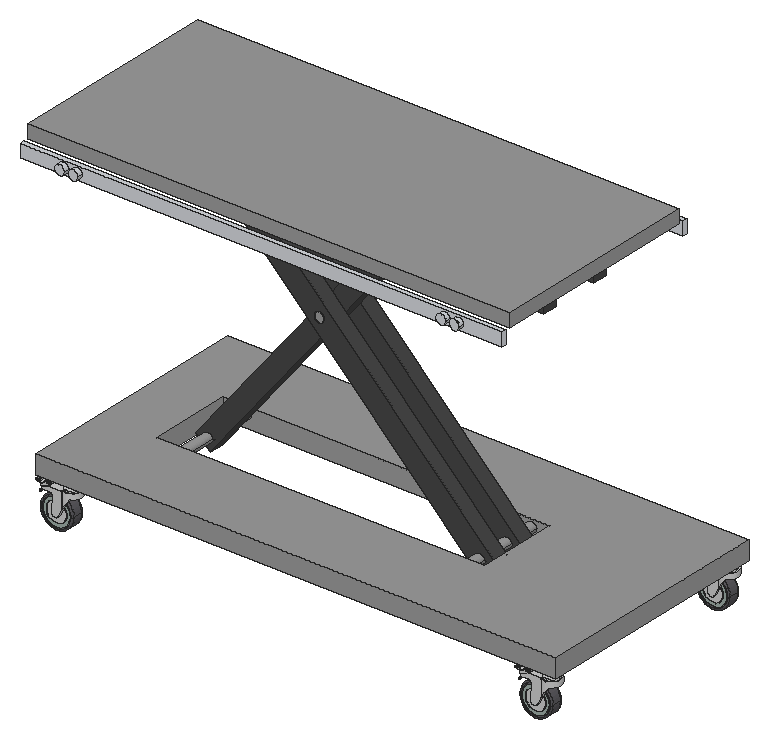
Revit family "Midmark - Mobile Lift Table", category Specialty Equipment, Revit 2017
Family settings
  Round Connector Dimension = Use Diameter
  Part Type = Normal
  OmniClass Number = 23.25.61.00
  Work Plane-Based = No
  Always vertical = Yes
  Cut with Voids When Loaded = No
  Shared = No
  Room Calculation Point = No
Parameters (values of type "Stainless Steel Top with Side Rails")
  Side Rails & Cleats = yes
  Side Rail Material = Stainless Steel, Polished
  Scale = no
  Width = 4' - 2"
  Weight = 0
  Type Comments = "Mobile Lift Table. 50\"L x 22\"W Stainless Steel Top with Side Rails"
  Table Top Material = Stainless Steel, Polished
  No Side Rails = not(Side Rails & Cleats)  # no
  No Scale = not(Scale)  # yes
  No Cleats = not(Cleats)  # yes
  Model = "103-0170-16 & 203-0170-10"
  Manufacturer = "MIDMARK"
  Height = 3' - 0"
  Frame Width = 3' - 10"
  Frame Material = Steel, Paint Finish, Black, Matte
  Description = ""
  Depth = 1' - 10"
  Cleats = no
  Cleat Material = Stainless Steel, Polished
  Battery Charger Material = Stainless Steel, Polished
  Base Width = 4' - 6"
  Base Depth = 2' - 1"
  Base Material = Stainless Steel, Polished
Types (4): name | Side Rails & Cleats | Scale | Width | Type Comments | No Side Rails | No Scale | No Cleats | Model | Frame Width | Description | Cleats
  Stainless Steel Top | no | no | 4' - 2" | "Mobile Lift Table, 50\"L x 22\"W Stainless Steel Top." | yes | yes | yes | "103-0170-16" | 3' - 10" | "" | no
  Stainless Steel Top with Scale | no | yes | 3' - 8" | "Mobile Lift Table. 50\"L x 22\"W Stainless Steel Top with Built-in Scale." | yes | no | yes | "110-3410-08" | 3' - 4" | "Cleats and Side Rails are Not Available on Table with Built-in Scale." | no
  Stainless Steel Top with Side Rails | yes | no | 4' - 2" | "Mobile Lift Table. 50\"L x 22\"W Stainless Steel Top with Side Rails" | no | yes | yes | "103-0170-16 & 203-0170-10" | 3' - 10" | "" | no
  Stainless Steel Top with Cleats | no | no | 4' - 2" | "Mobile Lift Table, 50\"L x 22\"W Stainless Steel Top with Quick-release Restraint Cleats." | yes | yes | no | "103-0170-16 & 203-0170-20" | 3' - 10" | "" | yes
Reference planes (in)
  plane 1 "Center (Front/Back)": y = 0
  plane 2: z = 0
  plane 3 "Center (Left/Right)": x = 0
  plane 4 "Left Edge of Table Top": x = -25
  plane 5 "Right Edge of Table Top": x = 25
  plane 6 "Back of Table Top": y = 11
  plane 7 "front": y = -11
  plane 8 "TO Table": z = 36
  plane 9 "BO Table": z = 34.625
  plane 10 "TO Casters": z = 4.6875
  plane 11 "Left Edge of Table Top Frame": x = -23
  plane 12 "Right Edge of Table Top Frame": x = 23
  plane 13 "Max. Table Height": z = 37.5
  plane 14 "Min. Table Height": z = 12.75
  plane 15 "Right Edge of Base": x = 31
  plane 16 "Back Edge of Table Base": y = 12.49972
  plane 17 "Front Edge of Table Base": y = -12.50028
  plane 18 "Back of Table Top Frame": y = 4
  plane 19 "Front of Table Top Frame": y = -4
  plane 20 "Front of Center Frame": y = -0.75
  plane 21 "Back of Center Frame": y = 0.75
  plane 22 "Back of Back Frame": y = 2.5
  plane 23 "Front of Back Frame": y = 1
  plane 24 "Back of Front Frame": y = -1
  plane 25 "Front of Front Frame": y = -2.5
  plane 26 "back of Base Cutout": y = 4.25
  plane 27 "Front of Base Cutout": y = -4.25
  plane 28 "TO Base": z = 6.61935
  plane 29 "Underside of Table Frame": z = 32.125
  plane 30 "Left Edge of Base Cutout": x = -17
  plane 31 "Right Edge of Base Cutout": x = 17.00123
  plane 32: y = -11.5
  plane 33: y = -12
  plane 34: y = 11.5
  plane 35: y = 12
  plane 36 "Table Top Length w/ Scale": x = 17.00123
  plane 37 "Right Edge of Battery Charger": x = 15.00123
Forms (in)
  Extrusion 1, solid, material "Stainless Steel, Polished" <- "Table Top Material"
    sketch origin (0, 0, 0) x (1, 0, 0) y (0, 1, 0)
      loop
        line (-25, -11) -> (25, -11) -> (25, 11) -> (-25, 11) -> (-25, -11)
    from 34.625 to 36
  Extrusion 2, solid, material "Stainless Steel, Polished" <- "Base Material"
    sketch origin (0, 0, 4.6875) x (-1, 0, 0) y (0, -1, 0)
      loop
        line (-31, -12.5) -> (23, -12.5) -> (23, 12.5) -> (-31, 12.5) -> (-31, -12.5)
      loop
        line (-17.00123, 4.25) -> (-17.00123, -4.25) -> (16.99877, -4.25) -> (16.99877, 4.25) -> (-17.00123, 4.25)
    from 0 to 2
  Extrusion 3, solid, material "Steel, Paint Finish, Black, Matte" <- "Frame Material"
    sketch origin (0, 0, 34.625) x (-1, 0, 0) y (0, -1, 0)
      loop
        line (23, -2.5) -> (-23, -2.5) -> (-23, -4) -> (23, -4) -> (23, -2.5)
      loop
        line (-23, 2.5) -> (23, 2.5) -> (23, 4) -> (-23, 4) -> (-23, 2.5)
    from 0 to -2.5
  Extrusion 4, solid, material "Steel, Paint Finish, Black, Matte" <- "Frame Material"
    sketch origin (-16.99877, 0.75, 47.82967) x (1, 0, 0) y (0, 0, 1)
      loop
        line (1.22008, -41.79705) -> (2.79379, -43.03133) -> (25.21911, -14.43895) -> (23.6454, -13.20467) -> (1.22008, -41.79705)
      loop
        circle (15.44515, -25.30676) r 0.5
    from 0 to 1.5
  Extrusion 5, solid, material "Steel, Paint Finish, Black, Matte" <- "Frame Material"
    sketch origin (-16.99877, 2.5, 47.82967) x (1, 0, 0) y (0, 0, 1)
      loop
        line (33.69688, -41.67074) -> (5.23081, -13.20467) -> (3.46305, -14.97244) -> (31.92911, -43.43851) -> (33.69688, -41.67074)
      loop
        circle (15.44515, -25.30676) r 0.5
    from 0 to 1.5
  Extrusion 6, solid, material "Steel, Paint Finish, Black, Matte" <- "Frame Material"
    sketch origin (-16.99877, -1, 47.82967) x (1, 0, 0) y (0, 0, 1)
      loop
        line (33.69688, -41.67074) -> (5.23081, -13.20467) -> (3.46305, -14.97244) -> (31.92911, -43.43851) -> (33.69688, -41.67074)
      loop
        circle (15.44515, -25.30676) r 0.5
    from 0 to 1.5
  Extrusion 7, solid, material "Stainless Steel, Polished" <- "Base Material"
    sketch origin (-16.99877, 2.5, 47.82967) x (1, 0, 0) y (0, 0, 1)
      loop
        circle (4.96657, -14.45467) r 0.5
      loop
        circle (24.09185, -14.47108) r 0.34375
      loop
        circle (15.44515, -25.30676) r 0.5
    from 0 to 5
  Extrusion 8, solid, material "Stainless Steel, Polished" <- "Battery Charger Material"
    sketch origin (-16.99877, -4, 50.5) x (1, 0, 0) y (0, 0, 1)
      loop
        line (17, -15.875) -> (17, -19.875) -> (32, -19.875) -> (32, -15.875) -> (17, -15.875)
    from -14.00101 to -8
  Extrusion 9, solid, material "Stainless Steel, Polished" <- "Base Material"
    sketch origin (-16.99877, 4.25, 48) x (1, 0, 0) y (0, 0, 1)
      loop
        circle (2.43755, -42.00937) r 0.5
      loop
        circle (32.08779, -42.10576) r 0.5
    from 0 to 8.5
  Extrusion 10, solid, visible <- "Side Rails & Cleats"
    sketch origin (-28.87328, 12, 48) x (-1, 0, 0) y (0, 0, 1)
      loop
        line (-53.87328, -13.375) -> (-53.87328, -14.75) -> (-3.87328, -14.75) -> (-3.87328, -13.375) -> (-53.87328, -13.375)
    from -0.5 to 0
  Extrusion 11, solid, visible <- "Side Rails & Cleats"
    sketch origin (-28.87328, -11.5, 46.72545) x (-1, 0, 0) y (0, 0, 1)
      loop
        line (-3.87328, -12.10045) -> (-53.87328, -12.10045) -> (-53.87328, -13.47545) -> (-3.87328, -13.47545) -> (-3.87328, -12.10045)
    from -0.5 to 0
  Extrusion 12, solid, visible <- "Side Rails & Cleats"
    sketch origin (0, -11, 0) x (-1, 0, 0) y (0, 0, 1)
      loop
        circle (20.49537, 33.94182) r 0.5
      loop
        circle (19.08904, 33.94182) r 0.5
      loop
        circle (-20.49537, 33.94182) r 0.5
      loop
        circle (-19.08904, 33.94182) r 0.5
    from -1.50067 to -1
  Extrusion 13, solid, visible <- "Side Rails & Cleats"
    sketch origin (-28.87328, 12, 48) x (-1, 0, 0) y (0, 0, 1)
      loop
        circle (-49.37328, -14.06888) r 0.5
      loop
        circle (-47.95868, -14.06888) r 0.5
      loop
        circle (-8.37328, -14.06888) r 0.5
      loop
        circle (-9.78789, -14.06888) r 0.5
    from 0 to 0.5
  Extrusion 14, solid, visible <- "Cleats"
    sketch origin (0, -11, 0) x (-1, 0, 0) y (0, 0, 1)
      loop
        circle (20.5, 35.3125) r 0.5
      loop
        circle (19.07938, 35.3125) r 0.5
      loop
        circle (-20.5, 35.3125) r 0.5
      loop
        circle (-19.07938, 35.3125) r 0.5
    from -0.5 to 0
  Extrusion 15, solid, visible <- "Cleats"
    sketch origin (-28.87328, 11, 48) x (-1, 0, 0) y (0, 0, 1)
      loop
        circle (-49.37328, -12.6875) r 0.5
      loop
        circle (-47.95335, -12.6875) r 0.5
      loop
        circle (-8.37328, -12.6875) r 0.5
      loop
        circle (-9.79322, -12.6875) r 0.5
    from 0 to 0.5
Dimensions and locks (in)
  "Width": plane 4 "Left Edge of Table Top" to plane 5 "Right Edge of Table Top"
  equal spacing: plane 6 "Back of Table Top", plane 1 "Center (Front/Back)", plane 7 "front"
  "Depth": plane 6 "Back of Table Top" to plane 7 "front"
  "Height": plane 8 "TO Table" to level
  plane 8 "TO Table" to plane 9 "BO Table" = 0' - 1 3/8"
  locked: Extrusion 2 to plane 10 "TO Casters" at 2
  locked: plane 9 "BO Table" to Extrusion 3 at 2.5
  "Base Depth": plane 16 "Back Edge of Table Base" to plane 17 "Front Edge of Table Base"
  "Base Width": plane 11 "Left Edge of Table Top Frame" to plane 15 "Right Edge of Base"
  "Frame Width": plane 11 "Left Edge of Table Top Frame" to plane 12 "Right Edge of Table Top Frame"
  plane 4 "Left Edge of Table Top" to plane 11 "Left Edge of Table Top Frame" = 0' - 2"
  plane 12 "Right Edge of Table Top Frame" to plane 5 "Right Edge of Table Top" = 0' - 2"
  aligned and locked: level to plane 2
  aligned and locked: Extrusion 1 sketch curve to plane 6 "Back of Table Top"
  aligned and locked: Extrusion 1 sketch curve to plane 4 "Left Edge of Table Top"
  aligned and locked: Extrusion 1 sketch curve to plane 7 "front"
  aligned and locked: plane 8 "TO Table" to Extrusion 1
  aligned and locked: Extrusion 1 to plane 9 "BO Table"
Automatic sketch dimensions
  Extrusion 2 sketch curve to plane 15 "Right Edge of Base" = 0' - 0"
  Extrusion 2 sketch curve to plane 11 "Left Edge of Table Top Frame" = 0' - 0"
  plane 12 "Right Edge of Table Top Frame" to Extrusion 2 sketch curve = 0' - 5.99877"
  plane 11 "Left Edge of Table Top Frame" to Extrusion 2 sketch curve = 0' - 6.00123"
  plane 6 "Back of Table Top" to Extrusion 2 sketch curve = 0' - 1 1/2"
  Extrusion 2 sketch curve to plane 7 "front" = 0' - 1 1/2"
  plane 12 "Right Edge of Table Top Frame" to Extrusion 3 sketch curve = 0' - 0"  (x2)
  plane 11 "Left Edge of Table Top Frame" to Extrusion 3 sketch curve = 0' - 0"  (x2)
  Extrusion 3 sketch curve to Extrusion 3 sketch curve = 0' - 1 1/2"  (x2)
  Extrusion 2 sketch curve to plane 6 "Back of Table Top" = 0' - 6 3/4"
  plane 7 "front" to Extrusion 2 sketch curve = 0' - 6 3/4"
  plane 7 "front" to Extrusion 3 sketch curve = 0' - 8 1/2"
  Extrusion 3 sketch curve to plane 21 "Back of Center Frame" = 0' - 1 3/4"
  Extrusion 4 sketch curve to plane 9 "BO Table" = 0' - 0"
  plane 10 "TO Casters" to Extrusion 4 sketch curve = 0' - 0.11085"
  plane 11 "Left Edge of Table Top Frame" to Extrusion 4 sketch curve = 0' - 8.79502"
  Extrusion 4 sketch curve to plane 3 "Center (Left/Right)" = 0' - 1.55362"
  plane 3 "Center (Left/Right)" to Extrusion 4 sketch curve = 0' - 6.64663"
  Extrusion 4 sketch curve to plane 9 "BO Table" = 0' - 1.23428"
  plane 14 "Min. Table Height" to Extrusion 4 sketch curve = 0' - 9.77291"
  Extrusion 7 sketch curve to plane 9 "BO Table" = 0' - 1 1/4"
  plane 11 "Left Edge of Table Top Frame" to Extrusion 7 sketch curve = 0' - 10.9678"
  Extrusion 7 sketch curve to plane 3 "Center (Left/Right)" = 0' - 1.55362"
  Extrusion 7 sketch curve to plane 9 "BO Table" = 0' - 1.2664"
  plane 3 "Center (Left/Right)" to Extrusion 7 sketch curve = 0' - 7.09308"
  plane 14 "Min. Table Height" to Extrusion 7 sketch curve = 0' - 9.77291"
  Extrusion 6 sketch curve to plane 9 "BO Table" = 0' - 0"
  Extrusion 6 sketch curve to plane 9 "BO Table" = 0' - 1.76777"
  plane 11 "Left Edge of Table Top Frame" to Extrusion 6 sketch curve = 0' - 9.46427"
  Extrusion 6 sketch curve to Extrusion 6 sketch curve = 0' - 1.76777"
  Extrusion 6 sketch curve to plane 3 "Center (Left/Right)" = 0' - 1.55362"
  Extrusion 6 sketch curve to plane 10 "TO Casters" = 0' - 0.29633"
  plane 14 "Min. Table Height" to Extrusion 6 sketch curve = 0' - 9.77291"
  Extrusion 5 sketch curve to plane 9 "BO Table" = 0' - 0"
  Extrusion 5 sketch curve to plane 9 "BO Table" = 0' - 1.76777"
  plane 11 "Left Edge of Table Top Frame" to Extrusion 5 sketch curve = 0' - 9.46427"
  Extrusion 5 sketch curve to Extrusion 5 sketch curve = 0' - 1.76777"
  Extrusion 5 sketch curve to plane 3 "Center (Left/Right)" = 0' - 1.55362"
  Extrusion 5 sketch curve to plane 10 "TO Casters" = 0' - 0.29633"
  plane 14 "Min. Table Height" to Extrusion 5 sketch curve = 0' - 9.77291"
  Extrusion 8 sketch curve to plane 9 "BO Table" = 0' - 0"
  plane 30 "Left Edge of Base Cutout" to Extrusion 8 sketch curve = 1' - 5.00123"
  plane 3 "Center (Left/Right)" to Extrusion 8 sketch curve = 1' - 3.00123"
  Extrusion 8 sketch curve to plane 29 "Underside of Table Frame" = 0' - 1 1/2"
  Extrusion 9 sketch curve to plane 28 "TO Base" = 0' - 0.62872"
  plane 30 "Left Edge of Base Cutout" to Extrusion 9 sketch curve = 0' - 2.43877"
  Extrusion 9 sketch curve to plane 28 "TO Base" = 0' - 0.72511"
  plane 31 "Right Edge of Base Cutout" to Extrusion 9 sketch curve = 0' - 1.91221"
  Extrusion 10 sketch curve to plane 5 "Right Edge of Table Top" = 0' - 0"
  Extrusion 10 sketch curve to plane 4 "Left Edge of Table Top" = 0' - 0"
  Extrusion 10 sketch curve to plane 9 "BO Table" = 0' - 1 3/8"
  Extrusion 10 sketch curve to plane 8 "TO Table" = 0' - 1 3/8"
  Extrusion 11 sketch curve to plane 5 "Right Edge of Table Top" = 0' - 0"
  Extrusion 11 sketch curve to plane 4 "Left Edge of Table Top" = 0' - 0"
  Extrusion 11 sketch curve to plane 9 "BO Table" = 0' - 1 3/8"
  Extrusion 11 sketch curve to plane 8 "TO Table" = 0' - 1 3/8"
  Extrusion 12 sketch curve to plane 9 "BO Table" = 0' - 0.68318"  (x4)
  plane 12 "Right Edge of Table Top Frame" to Extrusion 12 sketch curve = 0' - 2.50463"
  Extrusion 12 sketch curve to Extrusion 12 sketch curve = 0' - 1.40634"  (x2)
  Extrusion 12 sketch curve to plane 30 "Left Edge of Base Cutout" = 0' - 2.08904"
  Extrusion 13 sketch curve to plane 9 "BO Table" = 0' - 0.69388"  (x4)
  plane 12 "Right Edge of Table Top Frame" to Extrusion 13 sketch curve = 0' - 2 1/2"
  Extrusion 13 sketch curve to Extrusion 13 sketch curve = 0' - 1.4146"  (x2)
  Extrusion 13 sketch curve to plane 30 "Left Edge of Base Cutout" = 0' - 2.0854"
  Extrusion 14 sketch curve to plane 8 "TO Table" = 0' - 0 11/16"  (x4)
  plane 12 "Right Edge of Table Top Frame" to Extrusion 14 sketch curve = 0' - 2 1/2"
  Extrusion 14 sketch curve to Extrusion 14 sketch curve = 0' - 1.42062"  (x2)
  Extrusion 14 sketch curve to plane 30 "Left Edge of Base Cutout" = 0' - 2.07938"
  Extrusion 15 sketch curve to plane 8 "TO Table" = 0' - 0 11/16"  (x4)
  plane 12 "Right Edge of Table Top Frame" to Extrusion 15 sketch curve = 0' - 2 1/2"
  Extrusion 15 sketch curve to Extrusion 15 sketch curve = 0' - 1.41993"  (x2)
  Extrusion 15 sketch curve to plane 30 "Left Edge of Base Cutout" = 0' - 2.08007"
  Extrusion 1 sketch curve to plane 5 "Right Edge of Table Top" = 0' - 0"
  radius of Extrusion 4 sketch curve = 0' - 0 1/2"
  radius of Extrusion 7 sketch curve = 0' - 0 1/2"  (x2)
  radius of Extrusion 7 sketch curve = 0' - 0 11/32"
  radius of Extrusion 6 sketch curve = 0' - 0 1/2"
  radius of Extrusion 5 sketch curve = 0' - 0 1/2"
  radius of Extrusion 9 sketch curve = 0' - 0 1/2"  (x2)
  radius of Extrusion 12 sketch curve = 0' - 0 1/2"  (x4)
  radius of Extrusion 13 sketch curve = 0' - 0 1/2"  (x4)
  radius of Extrusion 14 sketch curve = 0' - 0 1/2"  (x4)
  radius of Extrusion 15 sketch curve = 0' - 0 1/2"  (x4)
Nested families (in)
  nested 1: "SwivelCastor" at (-21.13743, -11.5, 0.05674), type "SwivelCastor"
    with Wheel Accent Castor_Wheel Accent, Steel Housing Castor_Steel Housing, Rubber Wheel Castor_Rubber, Brake Finish Castor_Brake
  nested 2: "SwivelCastor" at (28.61257, -11.5, 0.05674), type "SwivelCastor"
    with Wheel Accent Castor_Wheel Accent, Steel Housing Castor_Steel Housing, Rubber Wheel Castor_Rubber, Brake Finish Castor_Brake
  nested 3: "SwivelCastor" at (28.61257, 11.5, 0.05674), type "SwivelCastor"
    with Wheel Accent Castor_Wheel Accent, Steel Housing Castor_Steel Housing, Rubber Wheel Castor_Rubber, Brake Finish Castor_Brake
  nested 4: "SwivelCastor" at (-21.13743, 11.5, 0.05674), type "SwivelCastor"
    with Wheel Accent Castor_Wheel Accent, Steel Housing Castor_Steel Housing, Rubber Wheel Castor_Rubber, Brake Finish Castor_Brake
Definition of nested family "SwivelCastor"
  Parameters (values of type "SwivelCastor")
    Wheel Thickness = 0' - 1 1/4"
    Wheel Diameter = Overall Height - 0' 1"  # 0' - 3 3/8"
    Wheel Accent [instance] = none
    URL = "www.revitcomponents.com"
    Type Comments = "Wheel Thickness Range (3/8\" - 2 1/4\")"
    Steel Housing [instance] = none
    Rubber Wheel [instance] = none
    R = Wheel Diameter / 2  # 0' - 1 11/16"
    Overall Height = 0' - 4 3/8"
    Brake Finish [instance] = none
  Reference planes (in)
    plane 1 "Center F/B": y = 0
    plane 2: z = 0
    plane 3 "Center L/R": x = 0
    plane 4: z = 4
    plane 5: z = 4.375
    plane 6: z = 3.375
    plane 7: z = 1.6875
    plane 8: z = 3.5
    plane 9: y = 0.625
    plane 10: y = -0.625
    plane 11: y = 0.6875
    plane 12: y = 0.8125
    plane 13: y = -0.6875
    plane 14: y = -0.8125
    plane 15: y = 0.9375
    plane 16: y = -0.9375
    plane 17: x = 1.6875
    plane 18: x = 2
    plane 19: x = 1.875
    plane 20: x = -1.6875
    plane 21: x = -1.48064
    plane 22: x = 1.1875
    plane 23: x = -2.6875
    plane 24: x = 3
    plane 25: z = 3.875
    plane 26: y = -0.5
    plane 27: y = 0.5
  Forms (in)
    Extrusion 1, solid, material <- "Steel Housing"
      sketch origin (0, 0, 0) x (1, 0, 0) y (0, 1, 0)
        loop
          line (-1.48064, -0.6875) -> (-1.48064, -0.8125) -> (0.63788, -0.8125)
          arc (0.63788, -0.8125) -> (0.7118, -0.8208) -> (0.78204, -0.84529) r 0.33333
          arc (0.78204, -0.84529) -> (2.12497, 0.00736) -> (0.76882, 0.83882) r 0.9375
          arc (0.76882, 0.83882) -> (0.71452, 0.81917) -> (0.65717, 0.8125) r 0.25
          line (0.65717, 0.8125) -> (-1.48064, 0.8125) -> (-1.48064, 0.6875) -> (0.6875, 0.6875)
          arc (0.6875, 0.6875) -> (0.74813, 0.69496) -> (0.80515, 0.71691) r 0.25
          arc (0.80515, 0.71691) -> (2, 0) -> (0.80515, -0.71691) r 0.8125
          arc (0.80515, -0.71691) -> (0.74813, -0.69496) -> (0.6875, -0.6875) r 0.25
          line (0.6875, -0.6875) -> (-1.48064, -0.6875)
      from 0 to 4
    Extrusion 2, void
      sketch origin (0, 0, 0) x (1, 0, 0) y (0, 0, 1)
        loop
          line (-1.33956, 3.67728) -> (0.02978, 4.375) -> (-2.6875, 4.375) -> (-2.6875, 0) -> (3, 0) -> (3, 3.5) -> (1.59927, 3.5)
          arc (1.59927, 3.5) -> (1.23828, 3.001) -> (0.91227, 2.47847) r 9
          line (0.91227, 2.47847) -> (0.34242, 1.49146)
          arc (0.34242, 1.49146) -> (-0.10259, 1.31617) -> (-0.3735, 1.71034) r 0.38416
          line (-0.3735, 1.71034) -> (-0.26705, 3.23256)
          arc (-0.26705, 3.23256) -> (-0.33361, 3.4205) -> (-0.51644, 3.5) r 0.25
          line (-0.51644, 3.5) -> (-1.297, 3.5)
          arc (-1.297, 3.5) -> (-1.38816, 3.57186) -> (-1.33956, 3.67728) r 0.09375
      from -6 to 6
    Sweep 3, solid, material <- "Rubber Wheel"
      path origin (0, 0, 0) x (1, 0, 0) y (0, 0, 1)
        loop
          circle (0, 1.6875) r 1.6875
      profile origin (0, 0, 3.375) x (0, 0, -1) y (0, -1, 0)
        loop
          arc (0, -0.50042) -> (0.03649, -0.58851) -> (0.12458, -0.625) r 0.12458
          line (0.12458, -0.625) -> (0.25, -0.625) -> (0.25, 0.625) -> (0.125, 0.625)
          arc (0.125, 0.625) -> (0.03661, 0.58839) -> (0, 0.5) r 0.125
          line (0, 0.5) -> (0, -0.50042)
    Extrusion 4, solid, material <- "Steel Housing"
      sketch origin (0, 0, 0) x (1, 0, 0) y (0, 0, 1)
        loop
          line (-0.70619, 4) -> (-1.07563, 3.81177) -> (-0.98146, 3.62696) -> (-0.49466, 3.875) -> (0, 3.875) -> (0, 4) -> (-0.70619, 4)
      from -0.8125 to 0.8125
    Extrusion 5, solid, material <- "Steel Housing"
      sketch origin (0, 0, 0) x (1, 0, 0) y (0, 1, 0)
        loop
          arc (0.80515, 0.71691) -> (0.74813, 0.69496) -> (0.6875, 0.6875) r 0.25
          line (0.6875, 0.6875) -> (0, 0.6875) -> (0, -0.6875) -> (0.6875, -0.6875)
          arc (0.6875, -0.6875) -> (0.74813, -0.69496) -> (0.80515, -0.71691) r 0.25
          arc (0.80515, -0.71691) -> (2, 0) -> (0.80515, 0.71691) r 0.8125
      from 3.875 to 4
    Revolve 6, solid, material <- "Steel Housing"
      sketch origin (0, 0, 0) x (1, 0, 0) y (0, 0, 1)
        loop
          line (1.1875, 4) -> (1.1875, 4.40746) -> (0.9375, 4.40746) -> (0.9375, 4.375) -> (0.6875, 4.375)
          arc (0.6875, 4.375) -> (0.51072, 4.30178) -> (0.4375, 4.125) r 0.25
          line (0.4375, 4.125) -> (0.4375, 4) -> (1.1875, 4)
        axis (1.1875, 4) -> (1.1875, 4.40746)
      angle from 0 to 360
    Extrusion 7, solid, material <- "Brake Finish"
      sketch origin (0, 0, 0) x (1, 0, 0) y (0, 0, 1)
        loop
          line (-0.49466, 3.875) -> (-1.65337, 3.28461)
          arc (-1.65337, 3.28461) -> (-1.67829, 3.26158) -> (-1.6875, 3.22892) r 0.0625
          line (-1.6875, 3.22892) -> (-1.6875, 3.11276)
          arc (-1.6875, 3.11276) -> (-1.69665, 3.09066) -> (-1.71875, 3.08151) r 0.03125
          line (-1.71875, 3.08151) -> (-1.75, 3.08151) -> (-1.75, 3.01901) -> (-1.71875, 3.01901)
          arc (-1.71875, 3.01901) -> (-1.65246, 3.04647) -> (-1.625, 3.11276) r 0.09375
          line (-1.625, 3.11276) -> (-1.625, 3.22892) -> (-0.35699, 3.875) -> (-0.49466, 3.875)
      from -0.625 to 0.625
    Extrusion 8, solid, material <- "Steel Housing"
      sketch origin (0, 0, 0) x (1, 0, 0) y (0, 0, 1)
        loop
          arc (-1.50738, 3.54848) -> (-1.48033, 3.53233) -> (-1.45296, 3.54795) r 0.03125
          line (-1.45296, 3.54795) -> (-1.40368, 3.6333)
          arc (-1.40368, 3.6333) -> (-1.39258, 3.64738) -> (-1.37793, 3.65773) r 0.0625
          line (-1.37793, 3.65773) -> (-0.61647, 4.04572)
          arc (-0.61647, 4.04572) -> (-0.59474, 4.09286) -> (-0.6355, 4.125) r 0.04193
          line (-0.6355, 4.125) -> (-0.68629, 4.125)
          arc (-0.68629, 4.125) -> (-0.70191, 4.14062) -> (-0.71754, 4.125) r 0.01563
          line (-0.71754, 4.125) -> (-0.74879, 4.125)
          arc (-0.74879, 4.125) -> (-0.76441, 4.14062) -> (-0.78004, 4.125) r 0.01563
          line (-0.78004, 4.125) -> (-0.81129, 4.125)
          arc (-0.81129, 4.125) -> (-0.82691, 4.14062) -> (-0.84254, 4.125) r 0.01563
          line (-0.84254, 4.125) -> (-0.87379, 4.125)
          arc (-0.87379, 4.125) -> (-0.88941, 4.14062) -> (-0.90504, 4.125) r 0.01563
          line (-0.90504, 4.125) -> (-0.93629, 4.125)
          arc (-0.93629, 4.125) -> (-0.95191, 4.14062) -> (-0.96754, 4.125) r 0.01563
          line (-0.96754, 4.125) -> (-1.0138, 4.125)
          arc (-1.0138, 4.125) -> (-1.02938, 4.12303) -> (-1.04399, 4.11723) r 0.0625
          line (-1.04399, 4.11723) -> (-1.58509, 3.81874)
          arc (-1.58509, 3.81874) -> (-1.61494, 3.78137) -> (-1.60963, 3.73383) r 0.0625
          line (-1.60963, 3.73383) -> (-1.50738, 3.54848)
      from 0.6875 to -0.625
    Extrusion 9, solid, material <- "Steel Housing"
      sketch origin (0, 0, 0) x (1, 0, 0) y (0, 0, 1)
        loop
          line (-1.58509, 3.81874) -> (-1.85919, 3.91851)
          arc (-1.85919, 3.91851) -> (-1.87787, 3.95856) -> (-1.91792, 3.93988) r 0.03125
          line (-1.91792, 3.93988) -> (-1.97665, 3.96126)
          arc (-1.97665, 3.96126) -> (-1.99533, 4.00131) -> (-2.03538, 3.98264) r 0.03125
          line (-2.03538, 3.98264) -> (-2.09412, 4.00401)
          arc (-2.09412, 4.00401) -> (-2.11279, 4.04407) -> (-2.15285, 4.02539) r 0.03125
          line (-2.15285, 4.02539) -> (-2.19203, 4.03965)
          arc (-2.19203, 4.03965) -> (-2.27213, 4.00229) -> (-2.23478, 3.92219) r 0.0625
          line (-2.23478, 3.92219) -> (-1.60963, 3.73383)
          arc (-1.60963, 3.73383) -> (-1.61494, 3.78137) -> (-1.58509, 3.81874) r 0.0625
      from 0.5 to -0.5
    Sweep 10, solid, material <- "Wheel Accent"
      path origin (0, 0, 0) x (1, 0, 0) y (0, 0, 1)
        loop
          circle (0, 1.6875) r 1.6875
      profile origin (0, 0, 3.375) x (0, 0, -1) y (0, -1, 0)
        loop
          line (0.25, 0.625) -> (0.25, -0.625) -> (0.625, -0.625) -> (0.625, 0.625) -> (0.25, 0.625)
    Sweep 11, solid, material <- "Steel Housing"
      path origin (0, 0, 0) x (1, 0, 0) y (0, 0, 1)
        loop
          circle (0, 1.6875) r 1.6875
      profile origin (0, 0, 3.375) x (0, 0, -1) y (0, -1, 0)
        loop
          line (0.625, -0.625) -> (1.5, -0.625) -> (1.5, 0.625) -> (0.625, 0.625) -> (0.625, -0.625)
  Cuts and joins
    Extrusion 2 cuts Extrusion 1
    joined: Extrusion 1, Extrusion 4, Extrusion 5, Revolve 6
  Dimensions and locks (in)
    locked: plane 5 to plane 4 at 0.375
    "Wheel Diameter": plane 6 to level
    equal spacing: plane 6, plane 7, level
    locked: plane 11 to plane 9 at 0.0625
    locked: plane 12 to plane 11 at 0.125
    locked: plane 14 to plane 13 at 0.125
    locked: plane 13 to plane 10 at 0.0625
    equal spacing: plane 10, plane 1 "Center F/B", plane 9
    "Wheel Thickness": plane 10 to plane 9
    locked: plane 14 to plane 16 at 0.125
    locked: plane 12 to plane 15 at 0.125
    locked: plane 20 to plane 23 at 1
    locked: plane 24 to plane 18 at 1
    plane 6 to Sweep 3 sketch curve = 0' - 0 1/4"
    locked: plane 4 to plane 25 at 0.125
    locked: plane 4 to plane 6 at 0.625
    locked: plane 25 to plane 8 at 0.375
    Sweep 10 sketch curve to Sweep 10 sketch curve to plane 6 = 0' - 0 3/8" locked, 0' - 0 1/4" locked
    locked: Sweep 11 sketch curve to plane 6 at 0.625
    locked: plane 7 to Sweep 11 sketch curve at 0.1875
    locked: plane 26 to plane 10 at 0.125
    locked: plane 27 to plane 9 at 0.125
    "R": radius of Sweep 3 sketch curve
    "R": radius of Sweep 10 sketch curve
    "R": radius of Sweep 11 sketch curve
    aligned and locked: Extrusion 1 sketch curve to plane 11
    aligned and locked: plane 13 to Extrusion 1 sketch curve
    aligned and locked: Extrusion 1 sketch curve to plane 12
    aligned and locked: plane 14 to Extrusion 1 sketch curve
    aligned and locked: plane 21 to Extrusion 1 sketch curve  (x2)
    aligned and locked: plane 4 to Extrusion 1
    aligned and locked: level to Extrusion 2 sketch curve
    aligned and locked: Extrusion 2 sketch curve to plane 24
    aligned and locked: Extrusion 2 sketch curve to plane 23
    aligned and locked: plane 8 to Extrusion 2 sketch curve
    aligned and locked: Sweep 3 sketch curve to profile plane
    aligned and locked: plane 12 to Extrusion 4
    aligned and locked: plane 14 to Extrusion 4
    aligned and locked: Extrusion 5 sketch curve to cut or joined group of Extrusion 1, Extrusion 2, Extrusion 4, Extrusion 5, Revolve 6  (x3)
    aligned and locked: cut or joined group of Extrusion 1, Extrusion 2, Extrusion 4, Extrusion 5, Revolve 6 to Extrusion 5 sketch curve
    aligned and locked: plane 4 to Extrusion 5
    aligned and locked: Extrusion 4 to Extrusion 5
    aligned and locked: Extrusion 7 sketch curve to plane 25
    aligned and locked: plane 9 to Extrusion 7
    aligned and locked: plane 10 to Extrusion 7
    aligned and locked: Extrusion 5 to plane 25
    aligned and locked: cut or joined group of Extrusion 1, Extrusion 2, Extrusion 4, Extrusion 5, Revolve 6 to Extrusion 5
    aligned and locked: Extrusion 4 to plane 25
    aligned and locked: Sweep 10 sketch curve to plane 9
    aligned and locked: plane 10 to Sweep 10 sketch curve
    aligned and locked: Sweep 11 sketch curve to plane 9
    aligned and locked: plane 10 to Sweep 11 sketch curve
    aligned and locked: Sweep 3 sketch curve to plane 9
    aligned and locked: Sweep 3 sketch curve to Extrusion 7
    aligned and locked: plane 9 to Extrusion 8
    aligned and locked: plane 13 to Extrusion 8
    aligned and locked: Extrusion 9 to plane 27
    aligned and locked: Extrusion 9 to plane 26
  Automatic sketch dimensions
    Extrusion 1 sketch curve to Extrusion 1 sketch curve = 0' - 0"  (x3)
    Extrusion 1 sketch curve to plane 15 = 0' - 0"
    Extrusion 1 sketch curve to plane 16 = 0' - 0"
    Extrusion 1 sketch curve to plane 1 "Center F/B" = 0' - 0"
    Extrusion 1 sketch curve to plane 22 = 0' - 0"
    Extrusion 1 sketch curve to plane 16 = 0' - 0.20833"
    plane 22 to Extrusion 1 sketch curve = 0' - 0.54962"
    plane 22 to Extrusion 1 sketch curve = 0' - 0.53033"
    Extrusion 1 sketch curve to Extrusion 1 sketch curve = 0' - 0.04962"
    Extrusion 1 sketch curve to Extrusion 1 sketch curve = 0' - 0.03033"
    plane 12 to Extrusion 1 sketch curve = 0' - 0.02632"
    Extrusion 1 sketch curve to Extrusion 1 sketch curve = 0' - 0.11165"
    Extrusion 2 sketch curve to plane 8 = 0' - 0"
    Extrusion 2 sketch curve to plane 5 = 0' - 0"
    plane 21 to Extrusion 2 sketch curve = 0' - 0.14108"
    Extrusion 2 sketch curve to Extrusion 2 sketch curve = 0' - 0.04256"
    plane 6 to Extrusion 2 sketch curve = 0' - 0 1/8"
    Extrusion 2 sketch curve to plane 3 "Center L/R" = 0' - 0.51644"
    plane 7 to Extrusion 2 sketch curve = 0' - 0.02284"
    Extrusion 2 sketch curve to plane 3 "Center L/R" = 0' - 0.3735"
    plane 6 to Extrusion 2 sketch curve = 0' - 0.14244"
    Extrusion 2 sketch curve to plane 7 = 0' - 0.00396"
    plane 3 "Center L/R" to Extrusion 2 sketch curve = 0' - 0.00973"
    plane 3 "Center L/R" to Extrusion 2 sketch curve = 0' - 0.02978"
    Extrusion 2 sketch curve to plane 7 = 0' - 0.19604"
    plane 22 to Extrusion 2 sketch curve = 0' - 0.27523"
    plane 17 to Extrusion 2 sketch curve = 0' - 0.08823"
    Extrusion 2 sketch curve to level = 0' - 2.02153"
    plane 24 to Extrusion 2 sketch curve = 0' - 5.7065"
    Extrusion 2 sketch curve to plane 8 = 0' - 0 3/32"
    Sweep 3 sketch curve to plane 3 "Center L/R" = 0' - 0"
    Sweep 3 sketch curve to plane 7 = 0' - 0"
    Extrusion 4 sketch curve to plane 4 = 0' - 0"
    Extrusion 4 sketch curve to plane 25 = 0' - 0"
    Extrusion 4 sketch curve to plane 3 "Center L/R" = 0' - 0"
    Extrusion 4 sketch curve to Extrusion 4 sketch curve = 0' - 0.49466"
    Extrusion 4 sketch curve to Extrusion 4 sketch curve = 0' - 0.21153"
    Extrusion 4 sketch curve to plane 8 = 0' - 0.12696"
    Extrusion 4 sketch curve to Extrusion 4 sketch curve = 0' - 0.27527"
    Extrusion 5 sketch curve to plane 3 "Center L/R" = 0' - 0"
    Revolve 6 sketch curve to plane 4 = 0' - 0"
    Revolve 6 sketch curve to plane 5 = 0' - 0"
    Revolve 6 sketch curve to plane 22 = 0' - 0"  (x2)
    plane 5 to Revolve 6 sketch curve = 0' - 0.03246"
    plane 22 to Revolve 6 sketch curve = 0' - 0 1/4"
    Revolve 6 sketch curve to Revolve 6 sketch curve = 0' - 0 1/4"
    plane 4 to Revolve 6 sketch curve = 0' - 0 1/8"
    plane 7 to Revolve 6 sketch curve = 0' - 0 1/4"
    Revolve 6 sketch curve to Revolve 6 sketch curve = 0' - 0.69683"
    Extrusion 7 sketch curve to Extrusion 7 sketch curve = 0' - 0"  (x4)
    Extrusion 7 sketch curve to plane 20 = 0' - 0"
    Extrusion 7 sketch curve to plane 20 = 0' - 0 1/32"
    Extrusion 7 sketch curve to Extrusion 7 sketch curve = 0' - 0 1/32"
    plane 20 to Extrusion 7 sketch curve = 0' - 0.03413"
    plane 20 to Extrusion 7 sketch curve = 0' - 0 1/16"
    Extrusion 7 sketch curve to plane 3 "Center L/R" = 0' - 0.49466"
    Extrusion 7 sketch curve to Extrusion 7 sketch curve = 0' - 0.13767"
    plane 6 to Extrusion 7 sketch curve = 0' - 0.09039"
    Extrusion 7 sketch curve to Extrusion 7 sketch curve = 0' - 0.11616"
    plane 20 to Extrusion 8 sketch curve = 0' - 0.07787"
    Extrusion 8 sketch curve to plane 25 = 0' - 0.05626"
    Extrusion 8 sketch curve to Extrusion 8 sketch curve = 0' - 0.02454"
    Extrusion 8 sketch curve to Extrusion 8 sketch curve = 0' - 0.03019"  (x2)
    Extrusion 8 sketch curve to plane 21 = 0' - 0.02674"
    plane 21 to Extrusion 8 sketch curve = 0' - 0.00062"
    plane 21 to Extrusion 8 sketch curve = 0' - 0.02768"
    plane 21 to Extrusion 8 sketch curve = 0' - 0.07696"
    Extrusion 8 sketch curve to Extrusion 8 sketch curve = 0' - 0.02575"
    Extrusion 8 sketch curve to Extrusion 8 sketch curve = 0' - 0.02837"
    plane 4 to Extrusion 8 sketch curve = 0' - 0.11723"
    plane 21 to Extrusion 8 sketch curve = 0' - 0.43666"
    Extrusion 8 sketch curve to Extrusion 8 sketch curve = 0' - 0.04626"
    Extrusion 8 sketch curve to Extrusion 8 sketch curve = 0' - 0 1/64"  (x5)
    Extrusion 8 sketch curve to Extrusion 8 sketch curve = 0' - 0 1/32"  (x4)
    Extrusion 8 sketch curve to Extrusion 8 sketch curve = 0' - 0 13/256"
    Extrusion 8 sketch curve to Extrusion 8 sketch curve = 0' - 0.01903"
    Extrusion 8 sketch curve to Extrusion 8 sketch curve = 0' - 0.05473"  (x2)
    Extrusion 8 sketch curve to plane 8 = 0' - 0.15773"
    Extrusion 8 sketch curve to Extrusion 8 sketch curve = 0' - 0.02444"
    Extrusion 8 sketch curve to plane 8 = 0' - 0.06357"
    Extrusion 8 sketch curve to Extrusion 8 sketch curve = 0' - 0.01509"
    plane 4 to Extrusion 8 sketch curve = 0' - 0.04572"
    plane 25 to Extrusion 9 sketch curve = 0' - 0.04719"
    Extrusion 9 sketch curve to plane 20 = 0' - 0.54728"
    Extrusion 9 sketch curve to plane 4 = 0' - 0.01908"
    Extrusion 9 sketch curve to Extrusion 9 sketch curve = 0' - 0.02138"
    plane 4 to Extrusion 9 sketch curve = 0' - 0.03965"
    plane 4 to Extrusion 9 sketch curve = 0' - 0.02539"
    Extrusion 9 sketch curve to Extrusion 9 sketch curve = 0' - 0.03918"
    plane 4 to Extrusion 9 sketch curve = 0' - 0.0147"
    Extrusion 9 sketch curve to Extrusion 9 sketch curve = 0' - 0.02937"  (x5)
    plane 4 to Extrusion 9 sketch curve = 0' - 0.00401"
    Extrusion 9 sketch curve to plane 4 = 0' - 0.01736"
    Extrusion 9 sketch curve to Extrusion 9 sketch curve = 0' - 0.05873"  (x2)
    Extrusion 9 sketch curve to plane 4 = 0' - 0.03874"
    Extrusion 9 sketch curve to plane 4 = 0' - 0.06012"
    plane 20 to Extrusion 9 sketch curve = 0' - 0.07787"
    Extrusion 9 sketch curve to plane 25 = 0' - 0.05626"
    Extrusion 9 sketch curve to Extrusion 9 sketch curve = 0' - 0.02454"
    Extrusion 9 sketch curve to Extrusion 9 sketch curve = 0' - 0.03019"
    Extrusion 9 sketch curve to Extrusion 9 sketch curve = 0' - 0.05473"
    plane 25 to Extrusion 9 sketch curve = 0' - 0.04351"
    Sweep 10 sketch curve to plane 3 "Center L/R" = 0' - 0"
    Sweep 10 sketch curve to plane 7 = 0' - 0"
    Sweep 11 sketch curve to plane 3 "Center L/R" = 0' - 0"
    Sweep 11 sketch curve to plane 7 = 0' - 0"
    Sweep 3 sketch curve to profile plane = 0' - 0.12458"
    Sweep 3 sketch curve to Sweep 3 sketch curve = 0' - 0 1/8"
